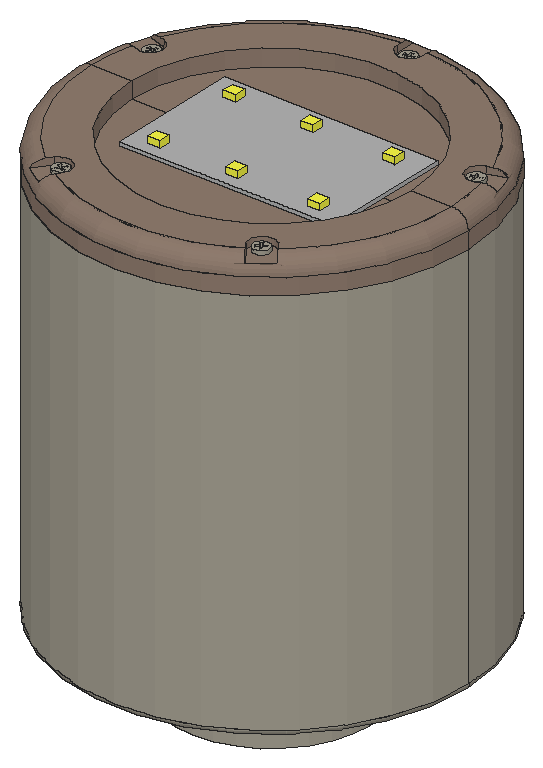
Revit family "LTV767SP6L3KUVNB", category Lighting Fixtures, host Face, Revit 2021
Family settings
  Host = Face
  Round Connector Dimension = Use Diameter
  Part Type = Normal
  Cut with Voids When Loaded = No
  Light Source = Yes
  Shared = No
  Room Calculation Point = No
Parameters (values of type "LTV767SP/6L3KUV/NB")
  White Surface = Paint  - White Texture
  Wattage Comments = "11W"
  Wattage = 11 W
  built-in parameter 1150110 = 1 (stored number, unit not read)
  Voltage = "120 to 277V"
  URL = "https://www.currentlighting.com/kimlighting"
  Type Comments = "Lighting Fixture"  # constant formula
  built-in parameter 1114217 = 1 (stored number, unit not read)
  Tilt Angle = -90.00°
  built-in parameter 1150109 = 1 (stored number, unit not read)
  built-in parameter 1150134 = 3
  built-in parameter 1150113 = 1 (stored number, unit not read)
  Specification = "Energy efficient LED models\r\nBrass or aluminum housing for durability\r\nHex cell louver and prismatic spread lens options"  # constant formula
  Series = "In-grade/ Landscape "  # constant formula
  Product Page = ""
  Power Factor = 1  # constant formula
  Photometric Web File = "ltv767sp-6led.ies"
  OmniClass Title = "Buried Uplights"  # constant formula
  OmniClass Number = "23-80 70 14 11 21"  # constant formula
  Number of Poles = 1
  Note Visible = yes
  Note Text = "LF"  # constant formula
  Model = "LTV767SP/6L3KUV/NB"  # constant formula
  Manufacturer = "KIM Lighting"  # constant formula
  built-in parameter 1150105 = 87.535 (stored number, unit not read)
  Lumens = 1100 lm
  built-in parameter 1150115 = 1 (stored number, unit not read)
  built-in parameter 1150137 = (empty or 0)
  built-in parameter 1150139 = (empty or 0)
  Lens Ring Material = Metal-Bronze
  built-in parameter 1150112 = 1 (stored number, unit not read)
  built-in parameter 1150114 = 1 (stored number, unit not read)
  Lamp = "LED"
  LED = Default Light Source
  built-in parameter 1150132 = (empty or 0)
  built-in parameter 1150102 = (empty or 0)
  built-in parameter 1150107 = 3200 (stored number, unit not read)
  built-in parameter 1150138 = (empty or 0)
  built-in parameter 1150106 = 0.87535 (stored number, unit not read)
  Emit from Circle Diameter = 5.000"
  Emit Shape Visible in Rendering = no
  Diameter = 6.000"
  Contact us = ""
  Composite Housing material = Plastic-Fiberglass
  Glass Material = Glass-Clear
  Full Load Current = 11 A
  Frequency = 60 Hz
  Finish = "Cast Bronze, Natural Finish"  # constant formula
  built-in parameter 1150104 = 9.2903 (stored number, unit not read)
  Dimming Lamp Color Temperature Shift = <None>
  Description = "Minivault incorporates more than 50 years of in-grade experience into every luminaire. A commitment to produce the most durable product possible is the core of the series, which now includes new low wattage pulse start metal halide lamps and LEDs expanding into residential applications."  # constant formula
  Default Elevation = 0.000"
  Color Filter = 16777215
  built-in parameter 1114218 = 1 (stored number, unit not read)
  built-in parameter 1150133 = 10 (stored number, unit not read)
  Assembly Code = "D5020200"
  Apparent Load = 11 VA
Reference planes (in)
  plane 1 "Center (Front/Back)": y = 0
  plane 2: z = 0
  plane 3 "Center (Left/Right)": x = 0
  plane 4 "Bot of Lamp": z = -7.03125
  plane 5 "Top of Lamp": z = 0.75
  plane 6: z = -2
  plane 7: z = -2.5
  plane 8: z = 0.5
  plane 9: z = 0.25
  plane 10: x = 3
  plane 11: x = -3
  plane 12: y = 3
  plane 13: y = -3
Forms (in)
  Revolve 1, solid, material "Plastic-Fiberglass" <- "Composite Housing material"
    sketch origin (0, 0, 0) x (1, 0, 0) y (0, 0, 1)
      loop
        line (0, -7.03125) -> (1.5, -7.03125) -> (1.5, -6.14386)
        arc (1.5, -6.14386) -> (1.53298, -6.06423) -> (1.61261, -6.03125) r 0.11261
        line (1.61261, -6.03125) -> (2.91051, -6.03125)
        arc (2.91051, -6.03125) -> (2.97379, -6.00504) -> (3, -5.94176) r 0.08949
        line (3, -5.94176) -> (3, 0) -> (0, 0) -> (0, -7.03125)
      axis (0, 0) -> (0, -7.03125)
    angle from 0 to 360
  Revolve 2, solid, material "Metal-Bronze" <- "Lens Ring Material"
    sketch origin (0, 0, 0) x (1, 0, 0) y (0, 0, 1)
      loop
        line (0, 0) -> (3, 0) -> (3, 0.25)
        arc (3, 0.25) -> (2.92678, 0.42678) -> (2.75, 0.5) r 0.25
        line (2.75, 0.5) -> (2.13697, 0.5) -> (2.13697, 0.25) -> (0, 0.25) -> (0, 0)
      axis (0, 0.5) -> (0, 0)
    angle from 0 to 360
  Extrusion 3, solid, material "Default Light Source" <- "LED"
    sketch origin (0, 0, 0) x (1, 0, 0) y (0, 1, 0)
      loop
        line (-1.25669, 0.81898) -> (-1.25669, 0.64411) -> (-1.07118, 0.64411) -> (-1.07118, 0.81898) -> (-1.25669, 0.81898)
      loop
        line (-0.07439, 0.81898) -> (-0.07439, 0.64411) -> (0.11112, 0.64411) -> (0.11112, 0.81898) -> (-0.07439, 0.81898)
      loop
        line (1.17561, 0.81898) -> (1.17561, 0.64411) -> (1.36112, 0.64411) -> (1.36112, 0.81898) -> (1.17561, 0.81898)
      loop
        line (-1.25669, -0.61704) -> (-1.25669, -0.79191) -> (-1.07118, -0.79191) -> (-1.07118, -0.61704) -> (-1.25669, -0.61704)
      loop
        line (-0.07439, -0.61704) -> (-0.07439, -0.79191) -> (0.11112, -0.79191) -> (0.11112, -0.61704) -> (-0.07439, -0.61704)
      loop
        line (1.17561, -0.61704) -> (1.17561, -0.79191) -> (1.36112, -0.79191) -> (1.36112, -0.61704) -> (1.17561, -0.61704)
    from 0.25 to 0.40246
  Revolve 4, solid, material "Glass-Clear" <- "Glass Material", detail levels coarse
    sketch origin (0, 0, 0) x (1, 0, 0) y (0, 0, 1)
      loop
        line (0, 0.5) -> (0, 0.45465) -> (2.13697, 0.45465) -> (2.13697, 0.5) -> (0, 0.5)
      axis (0, 0.5) -> (0, 0.45465)
    angle from 0 to 360
  Extrusion 5, void
    sketch origin (0, 0, 0) x (1, 0, 0) y (0, 1, 0)
      loop
        line (-0.20716, 3.08294) -> (-0.20716, 2.64544)
        arc (-0.20716, 2.64544) -> (-0.00972, 2.448) -> (0.18772, 2.64544) r 0.19744
        line (0.18772, 2.64544) -> (0.18772, 3.08294) -> (-0.20716, 3.08294)
      loop
        line (2.86803, 1.1497) -> (2.45195, 1.0145)
        arc (2.45195, 1.0145) -> (2.32518, 0.76571) -> (2.57397, 0.63895) r 0.19744
        line (2.57397, 0.63895) -> (2.99006, 0.77414) -> (2.86803, 1.1497)
      loop
        line (1.9797, -2.37239) -> (1.72254, -2.01844)
        arc (1.72254, -2.01844) -> (1.44676, -1.97476) -> (1.40308, -2.25055) r 0.19744
        line (1.40308, -2.25055) -> (1.66023, -2.60449) -> (1.9797, -2.37239)
      loop
        line (-1.64451, -2.61591) -> (-1.38736, -2.26197)
        arc (-1.38736, -2.26197) -> (-1.43104, -1.98618) -> (-1.70682, -2.02986) r 0.19744
        line (-1.70682, -2.02986) -> (-1.96398, -2.38381) -> (-1.64451, -2.61591)
      loop
        line (-2.86803, 1.1497) -> (-2.99006, 0.77414) -> (-2.57397, 0.63895)
        arc (-2.57397, 0.63895) -> (-2.32518, 0.76571) -> (-2.45195, 1.0145) r 0.19744
        line (-2.45195, 1.0145) -> (-2.86803, 1.1497)
    from 0.40246 to 0.5
  Extrusion 6, solid, material "Plastic-Fiberglass" <- "Composite Housing material"
    sketch origin (0, 0, 0) x (1, 0, 0) y (0, 1, 0)
      loop
        circle (0, 2.60287) r 0.12075
      loop
        line (-0.0162, 2.67726) -> (-0.0162, 2.62053) -> (-0.07292, 2.62053) -> (-0.07292, 2.58166) -> (-0.0162, 2.58166) -> (-0.0162, 2.52494) -> (0.02267, 2.52494) -> (0.02267, 2.58166) -> (0.0794, 2.58166) -> (0.0794, 2.62053) -> (0.02267, 2.62053) -> (0.02267, 2.67726) -> (-0.0162, 2.67726)
    from 0.40246 to 0.45465
  Extrusion 7, solid, material "Plastic-Fiberglass" <- "Composite Housing material"
    sketch origin (0, 0, 0) x (0.309017, -0.951057, 0) y (0.951057, 0.309017, 0)
      loop
        circle (0, 2.60287) r 0.12075
      loop
        line (-0.0162, 2.67726) -> (-0.0162, 2.62053) -> (-0.07292, 2.62053) -> (-0.07292, 2.58166) -> (-0.0162, 2.58166) -> (-0.0162, 2.52494) -> (0.02267, 2.52494) -> (0.02267, 2.58166) -> (0.0794, 2.58166) -> (0.0794, 2.62053) -> (0.02267, 2.62053) -> (0.02267, 2.67726) -> (-0.0162, 2.67726)
    from 0.40246 to 0.45465
  Extrusion 8, solid, material "Plastic-Fiberglass" <- "Composite Housing material"
    sketch origin (0, 0, 0) x (-0.809017, -0.587785, 0) y (0.587785, -0.809017, 0)
      loop
        circle (0, 2.60287) r 0.12075
      loop
        line (-0.0162, 2.67726) -> (-0.0162, 2.62053) -> (-0.07292, 2.62053) -> (-0.07292, 2.58166) -> (-0.0162, 2.58166) -> (-0.0162, 2.52494) -> (0.02267, 2.52494) -> (0.02267, 2.58166) -> (0.0794, 2.58166) -> (0.0794, 2.62053) -> (0.02267, 2.62053) -> (0.02267, 2.67726) -> (-0.0162, 2.67726)
    from 0.40246 to 0.45465
  Extrusion 9, solid, material "Plastic-Fiberglass" <- "Composite Housing material"
    sketch origin (0, 0, 0) x (-0.809017, 0.587785, 0) y (-0.587785, -0.809017, 0)
      loop
        circle (0, 2.60287) r 0.12075
      loop
        line (-0.0162, 2.67726) -> (-0.0162, 2.62053) -> (-0.07292, 2.62053) -> (-0.07292, 2.58166) -> (-0.0162, 2.58166) -> (-0.0162, 2.52494) -> (0.02267, 2.52494) -> (0.02267, 2.58166) -> (0.0794, 2.58166) -> (0.0794, 2.62053) -> (0.02267, 2.62053) -> (0.02267, 2.67726) -> (-0.0162, 2.67726)
    from 0.40246 to 0.45465
  Extrusion 10, solid, material "Plastic-Fiberglass" <- "Composite Housing material"
    sketch origin (0, 0, 0) x (-0.309017, -0.951057, 0) y (0.951057, -0.309017, 0)
      loop
        circle (0, -2.60287) r 0.12075
      loop
        line (-0.0162, -2.67726) -> (0.02267, -2.67726) -> (0.02267, -2.62053) -> (0.0794, -2.62053) -> (0.0794, -2.58166) -> (0.02267, -2.58166) -> (0.02267, -2.52494) -> (-0.0162, -2.52494) -> (-0.0162, -2.58166) -> (-0.07292, -2.58166) -> (-0.07292, -2.62053) -> (-0.0162, -2.62053) -> (-0.0162, -2.67726)
    from 0.40246 to 0.45465
  Extrusion 11, solid, material "Paint  - White Texture" <- "White Surface"
    sketch origin (0, 0, 0) x (1, 0, 0) y (0, 1, 0)
      loop
        line (-1.53933, 1.03072) -> (-1.53933, -0.96928) -> (1.71067, -0.96928) -> (1.71067, 1.03072) -> (-1.53933, 1.03072)
    from 0.25 to 0.31029
Cuts and joins
  Extrusion 5 cuts Revolve 1
  Extrusion 5 cuts Revolve 2
Lines and regions (in)
  Masking region 1, detail levels coarse
    outline origin (0, 0, 0) x (0, 1, 0) y (0, 0, 1)
      loop
        line (4.5, 0.75) -> (-4.5, 0.75) -> (-4.5, -7.03125) -> (4.5, -7.03125) -> (4.5, 0.75)
  Masking region 2, detail levels medium+fine
    outline origin (0, 0, 0) x (0, 1, 0) y (0, 0, 1)
      loop
        line (4.5, 0.75) -> (-4.5, 0.75) -> (-4.5, 0) -> (-4.56513, -0.78065) -> (-4.487, -0.78065) -> (-4.90686, -2) -> (-5.05959, -2) -> (-5.05959, -2.5) -> (-4.56762, -2.5) -> (-4.33142, -4.21753) -> (-2.93669, -4.38203) -> (-2.93669, -5.09803) -> (-2, -5.09803) -> (-2, -7.03125) -> (2, -7.03125) -> (2, -5.09803) -> (2.93669, -5.09803) -> (2.93669, -4.38203) -> (4.33142, -4.21753) -> (4.56762, -2.5) -> (5.05959, -2.5) -> (5.05959, -2) -> (4.90686, -2) -> (4.487, -0.78065) -> (4.56513, -0.78065) -> (4.5, 0) -> (4.5, 0.75)
  Masking region 3, detail levels fine
    outline origin (0, 0, 0) x (0, 1, 0) y (0, 0, 1)
      loop
        line (0.5, -8.03125) -> (1.5, -8.03125) -> (1.5, -7.03125) -> (0.5, -7.03125) -> (0.5, -8.03125)
  symbolic lines
    curve 1: arc (3, 0, 0) -> (0, 3, 0) -> (-3, 0, 0) r 3
    curve 2: arc (-3, 0, 0) -> (0, -3, 0) -> (3, 0, 0) r 3
  symbolic lines, detail levels medium+fine
    curve 3: arc (-2.3, 0, 0) -> (0, 2.3, 0) -> (2.3, 0, 0) r 2.3
    curve 4: arc (2.3, 0, 0) -> (0, -2.3, 0) -> (-2.3, 0, 0) r 2.3
  symbolic lines, detail levels fine
    curve 5: circle (0, 2.6317, 0) r 0.1875 normal (0, 0, -1)
    curve 8: line (0, 4.5, 0) -> (0, -4.5, 0)
    curve 9: line (0, 4.487, -0.78065) -> (0, -4.487, -0.78065)
    curve 10: line (0, 4.90686, -2) -> (0, -4.90686, -2)
    curve 11: line (0, 4.56762, -2.5) -> (0, -4.56762, -2.5)
    curve 12: line (0, 3.89346, -2.5) -> (0, 3.89346, -3.8512)
    curve 13: line (0, 3.89346, -3.8512) -> (0, 0.0625, -3.8512)
    curve 14: line (0, -3.89346, -3.8512) -> (0, -3.89346, -2.5)
    curve 15: line (0, 2.93669, -4.38203) -> (0, 2.93669, -3.8512)
    curve 16: line (0, -2.93669, -4.38203) -> (0, -2.93669, -3.8512)
    curve 17: line (0, 1.93669, -5.09803) -> (0, -1.93669, -5.09803)
    curve 18: line (0, 2.93669, -4.56678) -> (0, 1.93669, -4.56678)
    curve 19: line (0, 1.93669, -4.56678) -> (0, 1.93669, -5.09803)
    curve 20: line (0, -2.93669, -4.56678) -> (0, -1.93669, -4.56678)
    curve 21: line (0, -1.93669, -4.56678) -> (0, -1.93669, -5.09803)
    curve 22: line (0, 0.0625, -2.5) -> (0, 0.0625, -4.38203)
    curve 23: line (0, 0.0625, -4.38203) -> (0, -0.0625, -4.38203)
    curve 24: line (0, -0.0625, -4.38203) -> (0, -0.0625, -2.5)
    curve 25: line (0, -0.0625, -3.8512) -> (0, -3.89346, -3.8512)
    curve 26: line (0, 1.69096, -5.09803) -> (0, 1.69096, -5.83415)
    curve 27: line (0, 1.69096, -5.83415) -> (0, 1.06013, -5.83415)
    curve 28: line (0, 1.06013, -5.83415) -> (0, 1.06013, -5.09803)
    curve 29: line (0, -1.06013, -5.09803) -> (0, -1.06013, -5.83415)
    curve 30: line (0, -1.06013, -5.83415) -> (0, -1.70555, -5.83415)
    curve 31: line (0, -1.70555, -5.83415) -> (0, -1.70555, -5.09803)
    curve 32: circle (2.5029, 0.81324, 0) r 0.1875 normal (0, 0, -1)
    curve 33: circle (1.54688, -2.12909, 0) r 0.1875 normal (0, 0, -1)
    curve 34: circle (-1.54688, -2.12909, 0) r 0.1875 normal (0, 0, -1)
    curve 35: circle (-2.5029, 0.81324, 0) r 0.1875 normal (0, 0, 1)
    curve 36: line (0, 0, -7.03125) -> (1.5, 0, -7.03125)
    curve 37: line (1.5, 0, -7.03125) -> (1.5, 0, -6.14386)
    curve 38: line (1.61261, 0, -6.03125) -> (2.91051, 0, -6.03125)
    curve 39: line (3, 0, -5.94176) -> (3, 0, 0)
    curve 40: line (3, 0, 0) -> (3, 0, 0.25)
    curve 41: line (3, 0, 0.25) -> (3, 0, 0.5)
    curve 42: line (3, 0, 0.5) -> (3, 0, 0.53685)
    curve 43: arc (3, 0, 0.53685) -> (2.94672, 0, 0.66547) -> (2.8181, 0, 0.71875) r 0.1819
    curve 44: arc (1.5, 0, -6.14386) -> (1.53298, 0, -6.06423) -> (1.61261, 0, -6.03125) r 0.11261
    curve 45: arc (2.91051, 0, -6.03125) -> (2.97379, 0, -6.00504) -> (3, 0, -5.94176) r 0.08949
    curve 46: arc (0, 0, 0.75) -> (1.28132, 0, 0.73442) -> (2.56061, 0, 0.66058) r 28.1719
    curve 47: arc (2.56061, 0, 0.66058) -> (2.69379, 0, 0.67004) -> (2.8181, 0, 0.71875) r 0.44296
    curve 48: line (0, 0, -7.03125) -> (-1.5, 0, -7.03125)
    curve 49: line (-1.5, 0, -7.03125) -> (-1.5, 0, -6.14386)
    curve 50: line (-1.61261, 0, -6.03125) -> (-2.91051, 0, -6.03125)
    curve 51: line (-3, 0, -5.94176) -> (-3, 0, 0)
    curve 52: line (-3, 0, 0) -> (-3, 0, 0.25)
    curve 53: line (-3, 0, 0.25) -> (-3, 0, 0.5)
    curve 54: line (-3, 0, 0.5) -> (-3, 0, 0.53685)
    curve 55: arc (-3, 0, 0.53685) -> (-2.94672, 0, 0.66547) -> (-2.8181, 0, 0.71875) r 0.1819
    curve 56: arc (-1.5, 0, -6.14386) -> (-1.53298, 0, -6.06423) -> (-1.61261, 0, -6.03125) r 0.11261
    curve 57: arc (-2.91051, 0, -6.03125) -> (-2.97379, 0, -6.00504) -> (-3, 0, -5.94176) r 0.08949
    curve 58: arc (0, 0, 0.75) -> (-1.28132, 0, 0.73442) -> (-2.56061, 0, 0.66058) r 28.1719
    curve 59: arc (-2.56061, 0, 0.66058) -> (-2.69379, 0, 0.67004) -> (-2.8181, 0, 0.71875) r 0.44296
  symbolic lines, detail levels coarse
    curve 6: line (0, 4.5, 0.75) -> (0, -4.5, -7.03125)
    curve 7: line (0, 4.5, -7.03125) -> (0, -4.5, 0.75)
Dimensions and locks (in)
  level to plane 4 "Bot of Lamp" = 7.03125"
  locked: plane 5 "Top of Lamp" to level at 0.75
  locked: level to plane 6 at 2
  locked: level to plane 7 at 2.5
  locked: plane 9 to plane 2 at 0.25
  locked: plane 8 to plane 2 at 0.5
  "Diameter": plane 11 to plane 10
  aligned and locked: plane 2 to host face
  aligned and locked: level to host face
  aligned and locked: imposter light to plane 3 "Center (Left/Right)"
  aligned and locked: nested 1 to imposter light
  aligned and locked: plane 5 "Top of Lamp" to imposter light
  aligned and locked: plane 4 "Bot of Lamp" to Masking region 1 sketch curve
  aligned and locked: Masking region 1 sketch curve to plane 5 "Top of Lamp"
Automatic sketch dimensions
  curve 1 to curve 2 = 0.000"  (x2)
  curve 1 to curve 3 = 0.000"  (x2)
  curve 1 to curve 4 = 0.000"  (x2)
  curve 2 to curve 3 = 0.000"  (x2)
  curve 2 to curve 4 = 0.000"  (x2)
  curve 3 to curve 4 = 0.000"  (x2)
  plane 1 "Center (Front/Back)" to curve 2 = 0.000"
  curve 2 to plane 11 = 0.000"
  curve 3 to plane 3 "Center (Left/Right)" = 0.000"
  curve 5 to plane 3 "Center (Left/Right)" = 0.000"
  plane 11 to curve 35 = 0.4971"
  plane 11 to curve 34 = 1.45312"
  curve 33 to plane 10 = 1.45312"
  curve 32 to plane 10 = 0.4971"
  curve 34 to plane 13 = 0.87091"
  curve 33 to plane 13 = 0.87091"
  curve 35 to plane 1 "Center (Front/Back)" = 0.81324"
  curve 32 to plane 1 "Center (Front/Back)" = 0.81324"
  plane 12 to curve 5 = 0.3683"
  plane 11 to curve 4 = 0.700"
  curve 10 to plane 6 = 0.000"
  curve 11 to plane 7 = 0.000"
  curve 7 to plane 5 "Top of Lamp" = 0.000"
  curve 8 to level = 0.000"
  curve 6 to plane 4 "Bot of Lamp" = 0.000"
  curve 7 to plane 4 "Bot of Lamp" = 0.000"
  curve 6 to plane 5 "Top of Lamp" = 0.000"
  plane 13 to curve 25 = 0.89346"
  curve 21 to plane 13 = 1.06331"
  curve 17 to curve 30 = 0.23114"
  curve 30 to curve 30 = 0.64542"
  plane 1 "Center (Front/Back)" to curve 24 = 0.0625"
  curve 22 to plane 1 "Center (Front/Back)" = 0.0625"
  curve 28 to plane 1 "Center (Front/Back)" = 1.06013"
  curve 27 to curve 26 = 0.63084"
  curve 26 to curve 17 = 0.24572"
  curve 13 to plane 12 = 0.89346"
  plane 4 "Bot of Lamp" to curve 26 = 1.1971"
  plane 4 "Bot of Lamp" to curve 31 = 1.1971"
  curve 30 to curve 21 = 0.73612"
  curve 17 to curve 19 = 0.53125"
  curve 17 to curve 21 = 0.53125"
  curve 29 to curve 24 = 0.716"
  curve 18 to curve 13 = 0.71558"
  curve 20 to curve 25 = 0.71558"
  plane 13 to curve 9 = 1.487"
  plane 13 to curve 6 = 1.500"
  curve 8 to curve 9 = 0.013"
  curve 7 to curve 8 = 0.000"
  curve 11 to curve 14 = 0.67415"
  curve 10 to curve 11 = 0.33924"
  curve 20 to plane 13 = 0.06331"
  curve 16 to plane 13 = 0.06331"
  plane 12 to curve 15 = 0.06331"
  plane 12 to curve 18 = 0.06331"
  curve 9 to plane 12 = 1.487"
  curve 7 to plane 12 = 1.500"
  curve 6 to plane 12 = 1.500"
  curve 8 to curve 6 = 0.000"
  curve 12 to curve 11 = 0.67415"
  curve 11 to curve 10 = 0.33924"
  curve 20 to curve 16 = 0.18475"
  curve 18 to curve 15 = 0.18475"
  curve 9 to level = 0.78065"
  host sketch curve to host sketch curve = 96.000"  (x2)
  curve 54 to plane 11 = 0.000"
  curve 49 to plane 4 "Bot of Lamp" = 0.000"
  curve 46 to plane 3 "Center (Left/Right)" = 0.000"
  curve 48 to plane 3 "Center (Left/Right)" = 0.000"
  curve 40 to level = 0.000"
  curve 40 to plane 10 = 0.000"
  curve 51 to level = 0.000"
  curve 41 to plane 9 = 0.000"
  curve 53 to plane 9 = 0.000"
  curve 54 to plane 8 = 0.000"
  curve 42 to plane 8 = 0.000"
  curve 46 to plane 5 "Top of Lamp" = 0.000"
  plane 11 to curve 50 = 0.08949"
  plane 8 to curve 55 = 0.03685"
  plane 11 to curve 55 = 0.1819"
  plane 11 to curve 59 = 0.40382"
  curve 57 to curve 56 = 1.2979"
  curve 56 to curve 49 = 0.11261"
  curve 58 to plane 3 "Center (Left/Right)" = 0.29814"
  plane 3 "Center (Left/Right)" to curve 46 = 0.29814"
  plane 3 "Center (Left/Right)" to curve 37 = 1.500"
  curve 44 to curve 38 = 0.11261"
  curve 47 to plane 10 = 0.40382"
  plane 8 to curve 43 = 0.03685"
  curve 43 to plane 10 = 0.1819"
  curve 38 to plane 10 = 0.08949"
  curve 46 to plane 4 "Bot of Lamp" = 20.38907"
  curve 58 to curve 46 = 0.000"
  curve 36 to curve 37 = 0.88739"
  plane 4 "Bot of Lamp" to curve 56 = 0.88739"
  plane 5 "Top of Lamp" to curve 47 = 0.35211"
  plane 5 "Top of Lamp" to curve 59 = 0.35211"
  plane 13 to Masking region 1 sketch curve = 1.500"
  Masking region 1 sketch curve to plane 12 = 1.500"
  Masking region 2 sketch curve to plane 6 = 0.000"  (x2)
  Masking region 2 sketch curve to plane 7 = 0.000"  (x2)
  Masking region 2 sketch curve to plane 5 "Top of Lamp" = 0.000"
  Masking region 2 sketch curve to level = 0.000"  (x2)
  Masking region 2 sketch curve to plane 4 "Bot of Lamp" = 0.000"
  plane 13 to Masking region 2 sketch curve = 2.05959"
  Masking region 2 sketch curve to Masking region 2 sketch curve = 0.15273"
  Masking region 2 sketch curve to Masking region 2 sketch curve = 0.49198"  (x2)
  Masking region 2 sketch curve to level = 0.78065"  (x2)
  Masking region 2 sketch curve to Masking region 2 sketch curve = 0.34172"
  plane 13 to Masking region 2 sketch curve = 1.500"
  Masking region 2 sketch curve to Masking region 2 sketch curve = 0.07813"  (x2)
  plane 13 to Masking region 2 sketch curve = 1.33142"
  Masking region 2 sketch curve to plane 13 = 0.06331"
  Masking region 2 sketch curve to Masking region 2 sketch curve = 0.93669"
  plane 12 to Masking region 2 sketch curve = 1.000"
  plane 12 to Masking region 2 sketch curve = 0.06331"
  Masking region 2 sketch curve to plane 12 = 1.33142"
  Masking region 2 sketch curve to plane 12 = 1.487"
  Masking region 2 sketch curve to Masking region 2 sketch curve = 0.013"
  Masking region 2 sketch curve to plane 12 = 1.56762"
  Masking region 2 sketch curve to Masking region 2 sketch curve = 0.33924"
  plane 4 "Bot of Lamp" to Masking region 2 sketch curve = 1.93322"  (x2)
  Masking region 2 sketch curve to Masking region 2 sketch curve = 0.716"  (x2)
  Masking region 2 sketch curve to Masking region 2 sketch curve = 0.1645"  (x2)
  Masking region 3 sketch curve to plane 4 "Bot of Lamp" = 0.000"
  Masking region 3 sketch curve to plane 1 "Center (Front/Back)" = 0.500"
  Masking region 3 sketch curve to Masking region 3 sketch curve = 1.000"  (x2)
  Revolve 1 sketch curve to plane 3 "Center (Left/Right)" = 0.000"  (x2)
  Revolve 1 sketch curve to plane 4 "Bot of Lamp" = 0.000"
  Revolve 1 sketch curve to plane 10 = 0.000"
  Revolve 1 sketch curve to level = 0.000"
  plane 4 "Bot of Lamp" to Revolve 1 sketch curve = 0.88739"
  plane 3 "Center (Left/Right)" to Revolve 1 sketch curve = 1.500"
  Revolve 1 sketch curve to Revolve 1 sketch curve = 0.11261"
  Revolve 1 sketch curve to plane 10 = 0.08949"
  Revolve 1 sketch curve to plane 4 "Bot of Lamp" = 4.21875"
  plane 5 "Top of Lamp" to Revolve 1 sketch curve = 12.000"
  Revolve 2 sketch curve to plane 3 "Center (Left/Right)" = 0.000"  (x2)
  Revolve 2 sketch curve to level = 0.000"
  Revolve 2 sketch curve to plane 9 = 0.000"  (x2)
  Revolve 2 sketch curve to plane 8 = 0.000"
  Revolve 2 sketch curve to plane 10 = 0.000"
  Revolve 2 sketch curve to Revolve 2 sketch curve = 0.61303"
  Revolve 2 sketch curve to plane 7 = 1.28125"
  plane 5 "Top of Lamp" to Revolve 2 sketch curve = 2.46875"
  Extrusion 3 sketch curve to plane 3 "Center (Left/Right)" = 1.25669"  (x2)
  Extrusion 3 sketch curve to Extrusion 3 sketch curve = 0.18551"  (x4)
  Extrusion 3 sketch curve to plane 3 "Center (Left/Right)" = 0.07439"  (x2)
  plane 3 "Center (Left/Right)" to Extrusion 3 sketch curve = 0.11112"  (x2)
  Extrusion 3 sketch curve to Extrusion 3 sketch curve = 1.06449"  (x2)
  plane 1 "Center (Front/Back)" to Extrusion 3 sketch curve = 0.79191"  (x3)
  Extrusion 3 sketch curve to Extrusion 3 sketch curve = 0.17487"  (x6)
  Extrusion 3 sketch curve to plane 1 "Center (Front/Back)" = 0.64411"  (x3)
  Revolve 4 sketch curve to plane 3 "Center (Left/Right)" = 0.000"  (x2)
  Revolve 4 sketch curve to plane 8 = 0.000"
  Revolve 4 sketch curve to plane 10 = 0.86303"
  Revolve 4 sketch curve to plane 8 = 0.04535"
  Revolve 4 sketch curve to plane 4 "Bot of Lamp" = 4.21875"
  plane 5 "Top of Lamp" to Revolve 4 sketch curve = 12.000"
  plane 11 to Extrusion 5 sketch curve = 0.00994"
  plane 11 to Extrusion 5 sketch curve = 0.13197"
  plane 11 to Extrusion 5 sketch curve = 0.42603"
  Extrusion 5 sketch curve to Extrusion 5 sketch curve = 0.06101"  (x4)
  plane 11 to Extrusion 5 sketch curve = 1.03602"
  Extrusion 5 sketch curve to Extrusion 5 sketch curve = 0.25716"  (x2)
  Extrusion 5 sketch curve to plane 13 = 0.38409"
  Extrusion 5 sketch curve to Extrusion 5 sketch curve = 0.31947"
  Extrusion 5 sketch curve to Extrusion 5 sketch curve = 0.15973"  (x4)
  Extrusion 5 sketch curve to plane 13 = 0.73803"
  Extrusion 5 sketch curve to plane 12 = 0.08294"
  Extrusion 5 sketch curve to plane 3 "Center (Left/Right)" = 0.20716"
  Extrusion 5 sketch curve to plane 3 "Center (Left/Right)" = 0.00972"
  plane 3 "Center (Left/Right)" to Extrusion 5 sketch curve = 1.40308"
  Extrusion 5 sketch curve to plane 13 = 0.39551"
  Extrusion 5 sketch curve to plane 13 = 0.98156"
  Extrusion 5 sketch curve to plane 13 = 0.62761"
  Extrusion 5 sketch curve to plane 10 = 0.54805"
  Extrusion 5 sketch curve to plane 10 = 0.13197"
  Extrusion 5 sketch curve to plane 10 = 0.00994"
  Extrusion 5 sketch curve to plane 1 "Center (Front/Back)" = 0.63895"  (x2)
  Extrusion 5 sketch curve to Extrusion 5 sketch curve = 0.13519"  (x2)
  plane 12 to Extrusion 5 sketch curve = 0.35456"
  Extrusion 6 sketch curve to plane 3 "Center (Left/Right)" = 0.000"
  Extrusion 6 sketch curve to plane 3 "Center (Left/Right)" = 0.0162"  (x2)
  Extrusion 6 sketch curve to Extrusion 6 sketch curve = 0.05673"  (x4)
  plane 3 "Center (Left/Right)" to Extrusion 6 sketch curve = 0.02267"  (x2)
  plane 12 to Extrusion 6 sketch curve = 0.47506"
  Extrusion 6 sketch curve to Extrusion 6 sketch curve = 0.000"
  Extrusion 6 sketch curve to Extrusion 6 sketch curve = 0.02121"
  Extrusion 6 sketch curve to Extrusion 6 sketch curve = 0.03887"  (x2)
  Extrusion 7 sketch curve to plane 10 = 0.53026"
  Extrusion 7 sketch curve to plane 1 "Center (Front/Back)" = 0.87914"
  Extrusion 7 sketch curve to Extrusion 7 sketch curve = 0.05673"  (x5)
  Extrusion 7 sketch curve to Extrusion 7 sketch curve = 0.0162"
  Extrusion 7 sketch curve to Extrusion 7 sketch curve = 0.03887"  (x4)
  Extrusion 7 sketch curve to Extrusion 7 sketch curve = 0.000"
  Extrusion 7 sketch curve to Extrusion 7 sketch curve = 0.01766"
  Extrusion 8 sketch curve to plane 13 = 0.92281"
  Extrusion 8 sketch curve to plane 10 = 1.40069"
  Extrusion 8 sketch curve to Extrusion 8 sketch curve = 0.05673"  (x5)
  Extrusion 8 sketch curve to Extrusion 8 sketch curve = 0.0162"
  Extrusion 8 sketch curve to Extrusion 8 sketch curve = 0.03887"  (x4)
  Extrusion 8 sketch curve to Extrusion 8 sketch curve = 0.000"
  Extrusion 8 sketch curve to Extrusion 8 sketch curve = 0.01766"
  Extrusion 9 sketch curve to plane 13 = 0.83708"
  Extrusion 9 sketch curve to plane 3 "Center (Left/Right)" = 1.48131"
  Extrusion 9 sketch curve to Extrusion 9 sketch curve = 0.05673"  (x5)
  Extrusion 9 sketch curve to Extrusion 9 sketch curve = 0.0162"
  Extrusion 9 sketch curve to Extrusion 9 sketch curve = 0.03887"  (x4)
  Extrusion 9 sketch curve to Extrusion 9 sketch curve = 0.000"
  Extrusion 9 sketch curve to Extrusion 9 sketch curve = 0.01766"
  Extrusion 10 sketch curve to plane 11 = 0.53026"
  plane 1 "Center (Front/Back)" to Extrusion 10 sketch curve = 0.87914"
  Extrusion 10 sketch curve to Extrusion 10 sketch curve = 0.05673"  (x5)
  Extrusion 10 sketch curve to Extrusion 10 sketch curve = 0.0162"
  Extrusion 10 sketch curve to Extrusion 10 sketch curve = 0.03887"  (x4)
  Extrusion 10 sketch curve to Extrusion 10 sketch curve = 0.000"
  Extrusion 10 sketch curve to Extrusion 10 sketch curve = 0.01766"
  plane 11 to Extrusion 11 sketch curve = 1.46067"
  Extrusion 11 sketch curve to plane 10 = 1.28933"
  plane 1 "Center (Front/Back)" to Extrusion 11 sketch curve = 0.96928"
  Extrusion 11 sketch curve to plane 1 "Center (Front/Back)" = 1.03072"
  radius of curve 5 = 0.1875"
  radius of curve 32 = 0.1875"
  radius of curve 33 = 0.1875"
  radius of curve 34 = 0.1875"
  radius of curve 35 = 0.1875"
  radius of Extrusion 6 sketch curve = 0.12075"
  radius of Extrusion 7 sketch curve = 0.12075"
  radius of Extrusion 8 sketch curve = 0.12075"
  radius of Extrusion 9 sketch curve = 0.12075"
  radius of Extrusion 10 sketch curve = 0.12075"
Nested families (in)
  nested 1: "Notation" at (0, 4.33469, 0), visible <- "Note Visible", type "Notation"
Connectors (in)
  electrical at (0, 0, 0), driven by "Apparent Load", driven by "Power Factor"
    settings: on Revolve 1, index 1, voltage 120 V, apparent load 11 VA, apparent load phase1 0 VA, apparent load phase2 0 VA, apparent load phase3 0 VA, power factor 1, load classification "Lighting", number of poles 1, system type 30, power factor state 1, is connector primary yes, connector utility no, sub classification motor no, connector description "Light Fixture"
Definition of nested family "Notation"
  Parameters
    Notation = "LF"
  Reference planes (in)
    plane 1: y = 0
    plane 2: x = 0
  Text (in)
    label "Notation" at (0.02149, 0.07192, 0), shows "Notation"
